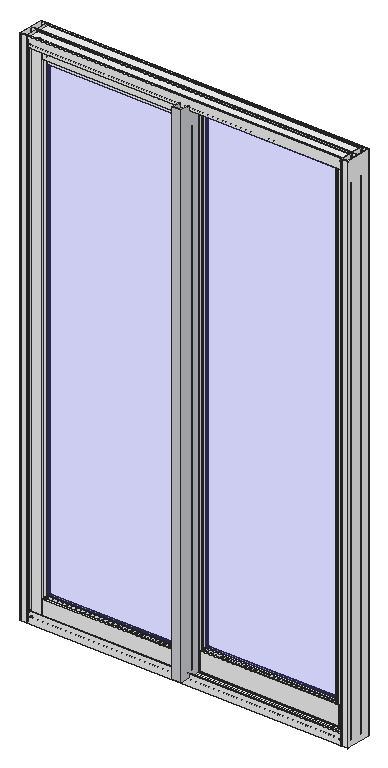
Revit family "Palace_Multi_XO_Standard", category Doors, host Wall, Revit 2014 (continued)
Types (37, lengths in mm): name | Windload Design | Width Sash Left | Width | Toughened Safety U Value | Toughened Safety SHGC Value | Sash Width Right | Sash Width Left | Sash Height | Overall Width | Overall Height | Max Pane Area | Limit Sash Width Left Min | Limit Sash Width Left Max | Intruderprufe U Value | Intruderprufe SHGC Value | Intruderprufe LowE U Value | Intruderprufe LowE SHGC Value | Intruderprufe Insulated U Value | Intruderprufe Insulated SHGC Value | Intruderprufe Insulated LowE U Value | Intruderprufe Insulated LowE SHGC Value | Interlock Configuration | Height Sash | Height | Glazing Thickness SG | Custom Door Width | Custom Door Height | Custom Windload | Area Right Sash Glazing | Area Left Sash Glazing
  Palace-3021XO-2000Pa | 2000 | 1482 | 2990 | 6.07 | 0.704 | 1482 | 1482 | 2031 | 2990 | 2090 | 2.58759 m² | 1464 | 1500 | 7.9 | 0 | 7.9 | 0 | 3.54 | 0.573 | 2.93 | 0.518 | 1 | 2031 | 2090 | 6.4 | 2990 | 2090 | 2000 | 2.58759 m² | 2.58759 m²
  Palace-1524XO-1000Pa | 1000 | 732 | 1490 | 6.05 | 0.673 | 732 | 732 | 2331 | 1490 | 2390 | 1.35969 m² | 300 | 1164 | 5.94 | 0.632 | 4.71 | 0.559 | 3.71 | 0.548 | 3.16 | 0.496 | 1 | 2331 | 2390 | 4 | 1490 | 2390 | 1000 | 1.35969 m² | 1.35969 m²
  Palace-1524XO-1500Pa | 1500 | 1482 | 1490 | 6.05 | 0.673 | 732 | 732 | 2331 | 2990 | 2090 | 1.35969 m² | 300 | 1164 | 5.94 | 0.632 | 4.71 | 0.559 | 3.71 | 0.548 | 3.16 | 0.496 | 1 | 2031 | 2390 | 4 | 1490 | 2390 | 1500 | 1.35969 m² | 1.35969 m²
  Palace-1524XO-2000Pa | 2000 | 1482 | 1490 | 6.05 | 0.673 | 732 | 732 | 2331 | 2990 | 2090 | 1.35969 m² | 300 | 1164 | 5.94 | 0.632 | 4.71 | 0.559 | 3.71 | 0.548 | 3.16 | 0.496 | 1 | 2031 | 2390 | 4 | 1490 | 2390 | 2000 | 1.35969 m² | 1.35969 m²
  Palace-1824XO-1000Pa | 1000 | 1482 | 1790 | 6.05 | 0.687 | 882 | 882 | 2331 | 2990 | 2090 | 1.68759 m² | 300 | 1464 | 5.94 | 0.645 | 4.62 | 0.571 | 3.63 | 0.56 | 3.06 | 0.506 | 1 | 2031 | 2390 | 5 | 1790 | 2390 | 1000 | 1.68759 m² | 1.68759 m²
  Palace-1824XO-1500Pa | 1500 | 1482 | 1790 | 6.05 | 0.687 | 882 | 882 | 2331 | 2990 | 2090 | 1.68759 m² | 300 | 1464 | 5.94 | 0.645 | 4.62 | 0.571 | 3.63 | 0.56 | 3.06 | 0.506 | 1 | 2031 | 2390 | 5 | 1790 | 2390 | 1500 | 1.68759 m² | 1.68759 m²
  Palace-1824XO-2000Pa | 2000 | 1482 | 1790 | 6.05 | 0.687 | 882 | 882 | 2331 | 2990 | 2090 | 1.68759 m² | 300 | 1464 | 5.94 | 0.645 | 4.62 | 0.571 | 3.63 | 0.56 | 3.06 | 0.506 | 1 | 2031 | 2390 | 5 | 1790 | 2390 | 2000 | 1.68759 m² | 1.68759 m²
  Palace-2124XO-1000Pa | 1000 | 1482 | 2090 | 6.05 | 0.698 | 1032 | 1032 | 2331 | 2990 | 2090 | 2.01549 m² | 564 | 1500 | 5.94 | 0.655 | 4.56 | 0.579 | 3.75 | 0.568 | 2.98 | 0.513 | 1 | 2031 | 2390 | 5 | 2090 | 2390 | 1000 | 2.01549 m² | 2.01549 m²
  Palace-2124XO-1500Pa | 1500 | 1482 | 2090 | 6.05 | 0.698 | 1032 | 1032 | 2331 | 2990 | 2090 | 2.01549 m² | 564 | 1500 | 5.94 | 0.655 | 4.56 | 0.579 | 3.75 | 0.568 | 2.98 | 0.513 | 1 | 2031 | 2390 | 5 | 2090 | 2390 | 1500 | 2.01549 m² | 2.01549 m²
  Palace-2124XO-2000Pa | 2000 | 1482 | 2090 | 6.05 | 0.698 | 1032 | 1032 | 2331 | 2990 | 2090 | 2.01549 m² | 564 | 1500 | 5.94 | 0.655 | 4.56 | 0.579 | 3.75 | 0.568 | 2.98 | 0.513 | 1 | 2031 | 2390 | 5 | 2090 | 2390 | 2000 | 2.01549 m² | 2.01549 m²
  Palace-2424XO-1000Pa | 1000 | 1482 | 2390 | 6.05 | 0.705 | 1182 | 1182 | 2331 | 2990 | 2090 | 2.34339 m² | 864 | 1500 | 5.94 | 0.663 | 4.51 | 0.585 | 3.53 | 0.574 | 2.93 | 0.519 | 1 | 2031 | 2390 | 6.4 | 2390 | 2390 | 1000 | 2.34339 m² | 2.34339 m²
  Palace-2424XO-1500Pa | 1500 | 1482 | 2390 | 6.05 | 0.705 | 1182 | 1182 | 2331 | 2990 | 2090 | 2.34339 m² | 864 | 1500 | 5.94 | 0.663 | 4.51 | 0.585 | 3.53 | 0.574 | 2.93 | 0.519 | 1 | 2031 | 2390 | 6.4 | 2390 | 2390 | 1500 | 2.34339 m² | 2.34339 m²
  Palace-2424XO-2000Pa | 2000 | 1482 | 2390 | 6.05 | 0.705 | 1182 | 1182 | 2331 | 2990 | 2090 | 2.34339 m² | 864 | 1500 | 5.94 | 0.663 | 4.51 | 0.585 | 3.53 | 0.574 | 2.93 | 0.519 | 1 | 2031 | 2390 | 6.4 | 2390 | 2390 | 2000 | 2.34339 m² | 2.34339 m²
  Palace-2724XO-1000Pa | 1000 | 1482 | 2690 | 6.05 | 0.712 | 1332 | 1332 | 2331 | 2990 | 2090 | 2.67129 m² | 1164 | 1500 | 7.9 | 0 | 7.9 | 0 | 3.5 | 0.579 | 2.88 | 5.23 | 1 | 2031 | 2390 | 6.4 | 2690 | 2390 | 1000 | 2.67129 m² | 2.67129 m²
  Palace-2724XO-1500Pa | 1500 | 1482 | 2690 | 6.05 | 0.712 | 1332 | 1332 | 2331 | 2990 | 2090 | 2.67129 m² | 1164 | 1500 | 7.9 | 0 | 7.9 | 0 | 3.5 | 0.579 | 2.88 | 5.23 | 1 | 2031 | 2390 | 6.4 | 2690 | 2390 | 1500 | 2.67129 m² | 2.67129 m²
  Palace-2724XO-2000Pa | 2000 | 1482 | 2690 | 6.05 | 0.712 | 1332 | 1332 | 2331 | 2990 | 2090 | 2.67129 m² | 1164 | 1500 | 7.9 | 0 | 7.9 | 0 | 3.5 | 0.579 | 2.88 | 5.23 | 1 | 2031 | 2390 | 6.4 | 2690 | 2390 | 2000 | 2.67129 m² | 2.67129 m²
  Palace-3024XO-1000Pa | 1000 | 1482 | 2990 | 6.05 | 0.716 | 1482 | 1482 | 2331 | 2990 | 2090 | 2.99919 m² | 1464 | 1500 | 7.9 | 0 | 7.9 | 0 | 3.47 | 0.583 | 2.85 | 0.526 | 1 | 2031 | 2390 | 8 | 2990 | 2390 | 1000 | 2.99919 m² | 2.99919 m²
  Palace-3024XO-1500Pa | 1500 | 1482 | 2990 | 6.05 | 0.716 | 1482 | 1482 | 2331 | 2990 | 2090 | 2.99919 m² | 1464 | 1500 | 7.9 | 0 | 7.9 | 0 | 3.47 | 0.583 | 2.85 | 0.526 | 1 | 2031 | 2390 | 8 | 2990 | 2390 | 1500 | 2.99919 m² | 2.99919 m²
  Palace-3024XO-2000Pa | 2000 | 1482 | 2990 | 6.05 | 0.716 | 1482 | 1482 | 2331 | 2990 | 2390 | 2.99919 m² | 1464 | 1500 | 7.9 | 0 | 7.9 | 0 | 3.47 | 0.583 | 2.85 | 0.526 | 1 | 2331 | 2390 | 8 | 2990 | 2390 | 2000 | 2.99919 m² | 2.99919 m²
